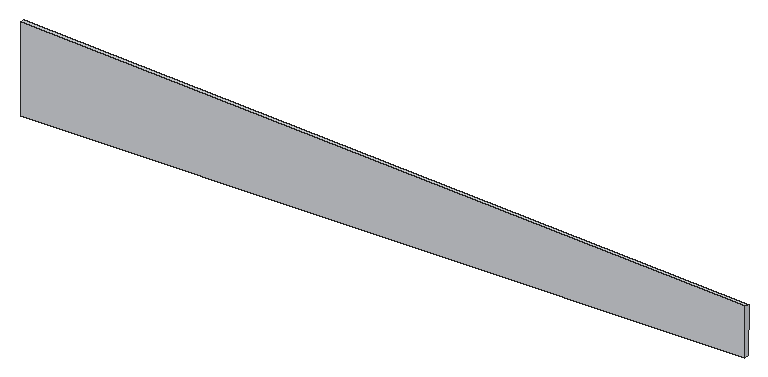
Revit family "J2 PET Felt Switch Baffle Single", category Specialty Equipment, Revit 2021
Family settings
  Round Connector Dimension = Use Diameter
  Part Type = Normal
  Work Plane-Based = No
  Always vertical = Yes
  Cut with Voids When Loaded = No
  Shared = No
  Room Calculation Point = No
Parameters (values of type "Switch Baffle 7'-11" x 11"")
  URL = "https://www.j2systems.net/"
  Symbol Name = "CSBFSW"
  Style Number = "CSBFSW"
  Release Date = "2019"
  Product Line = "Ceiling System"
  Model = "Switch Baffle Single"
  Manufacturer = "J2 Systems"  # constant formula
  Baffle Length (Max. 7'-11") = 7' - 11"
  Felt Color = none
  Default Elevation = 0' - 0"
  Baffle Height @ Narrow End = 0' - 6"
  Baffle Height (Max. 3'-11") = 0' - 11"
Reference planes (in)
  plane 1 "Center (Front/Back)": y = 0
  plane 2: z = 0
  plane 3 "Center (Left/Right)": x = 0
  plane 4: y = 0.25
  plane 5: y = -0.25
  plane 6: x = -47.5
  plane 7: x = 47.5
  plane 8: z = 11
  plane 9: z = 5
Forms (in)
  Extrusion 1, solid, material <- "Felt Color"
    sketch origin (0, 0, 0) x (1, 0, 0) y (0, 0, 1)
      loop
        line (-47.5, 11) -> (-47.5, 0) -> (47.5, 5) -> (47.5, 11) -> (-47.5, 11)
    from -0.25 to 0.25
Dimensions and locks (in)
  equal spacing: plane 6, plane 3 "Center (Left/Right)", plane 7
  "Baffle Length (Max. 7'-11")": plane 6 to plane 7
  "Baffle Height (Max. 3'-11")": plane 8 to level
  "Baffle Height @ Narrow End": plane 8 to plane 9
  aligned and locked: plane 2 to level
  aligned and locked: plane 9 to Extrusion 1 sketch curve
  aligned and locked: plane 7 to Extrusion 1
  aligned and locked: plane 8 to Extrusion 1
  aligned and locked: Extrusion 1 to plane 6
  aligned and locked: level to Extrusion 1 sketch curve
Automatic sketch dimensions
  Extrusion 1 sketch curve to plane 6 = 0' - 0"
  Extrusion 1 sketch curve to plane 7 = 0' - 0"
  Extrusion 1 sketch curve to plane 8 = 0' - 0"
